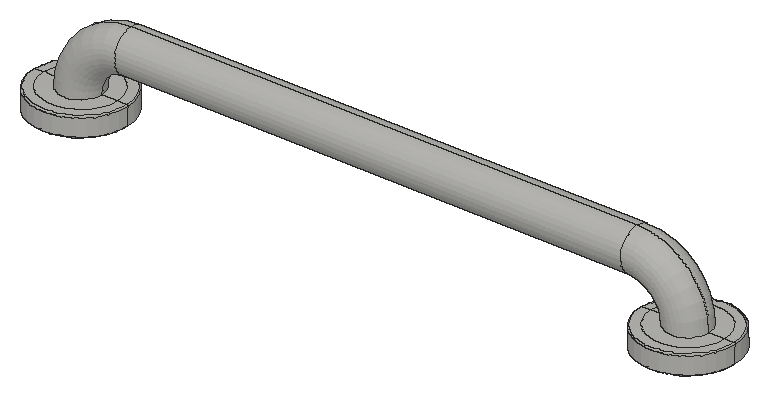
Revit family "Accessory-Grab_Bars-KOHLER-Contemporary-K-14561", category Generic Models, host Face, Revit 2015
Parameters (values of type "BS-Brushed Stainless")
  Width = 2 13/16"  # constant formula
  URL = "http://www.us.kohler.com/us/"
  Type = 3
  Product Page URL = "http://www.us.kohler.com/onlinecatalog/detail.jsp?prod_num=14561"
  Product Name = "Contemporary"  # constant formula
  Product Documentation Link = "http://www.us.kohler.com/onlinecatalog/pdf/K-14561_spec.pdf"
  Model = if(Type = 1, "K-14561-S", if(Type = 2, "K-14561-BN", if(Type = 3, "K-14561-BS", if(Type = 4, "K-14561-TT", "NA"))))  # "K-14561-BS"
  Material = "Premium Metal"  # constant formula
  MasterFormat 2004 = "10.28.13"  # constant formula
  MasterFormat 1995 = "10820"  # constant formula
  Manufacturer Address = "444 Highland Drive, Kohler, WI 53044"  # constant formula
  Manufacturer = "Kohler"  # constant formula
  Length = 20 51/64"  # constant formula
  Height = 2 3/4"  # constant formula
  Finish = Metal-Kohler-BS-Brushed Stainless
  Description = "Contemporary 18inch grab bar"  # constant formula
  Default Elevation = 42"
  Date Modified = "09/15/2017"  # constant formula
  Date Created = "08/30/2017"  # constant formula
  Copyright = "Copyright by Kohler Co."  # constant formula
  Contact Us = "https://www.us.kohler.com/us/static/contact.jsp"
  Assembly Code = "C1030200"
  ADA Compliant = yes
Types (5): name | Type | Model | Finish
  (no name) | 3 | "K-14561-BS" | Metal-Kohler-BS-Brushed Stainless
  S-Polished Stainless | 1 | "K-14561-S" | Metal-Kohler-S-Polished Stainless
  BN-Vibrant Brushed Nickel | 2 | "K-14561-BN" | Metal-Kohler-BN-Vibrant Brushed Nickel
  BS-Brushed Stainless | 3 | "K-14561-BS" | Metal-Kohler-BS-Brushed Stainless
  TT-Vibrant Titanium | 4 | "K-14561-TT" | Metal-Kohler-TT-Vibrant Titanium
Reference planes (in)
  plane 1 "Center (Front/Back)": y = 0
  plane 2: z = 0
  plane 3 "Center (Left/Right)": x = 0
  plane 4: y = 1.39966
  plane 5: y = -1.41284
  plane 6: x = -10.39869
  plane 7: x = 10.39819
  plane 8: z = 2.75
Dimensions and locks (in)
  "Width": plane 4 to plane 5
  "Length": plane 6 to plane 7
  "Height": plane 8 to plane 2
  aligned and locked: plane 2 to host face
  aligned and locked: level to host face
Automatic sketch dimensions
  host sketch curve to host sketch curve = 96"  (x2)
Nested families (in)
  nested 1: "K-14561" at (0, 0, 0), type "K-14561"
Definition of nested family "K-14561"
  Parameters (values of type "K-14561")
    Material = none
    Half Distance = Center Distance / 2  # 9"
    Center Distance = 18"
  Reference planes (in)
    plane 1 "Center (Front/Back)": y = 0
    plane 2: z = 0
    plane 3 "Center (Left/Right)": x = 0
  Forms (in)
    Revolve 1, solid, material <- "Material"
      sketch origin (0, 0, 0) x (1, 0, 0) y (0, 0, 1)
        loop
          line (-10.4, 0.0787) -> (-10.35114, 0.0787) -> (-10.35114, 0.04795) -> (-10.29399, 0) -> (-9, 0) -> (-9, 0.64356) -> (-9.25994, 0.64356)
          arc (-9.25994, 0.64356) -> (-9.67474, 0.64086) -> (-10.08948, 0.63277) r 31.89824
          line (-10.08948, 0.63277) -> (-10.36245, 0.62567)
          arc (-10.36245, 0.62567) -> (-10.38906, 0.61403) -> (-10.4, 0.58713) r 0.03855
          line (-10.4, 0.58713) -> (-10.4, 0.0787)
        axis (-9, 0.64356) -> (-9, 0)
      angle from 0 to 360
    Revolve 2, solid, material <- "Material"
      sketch origin (0, 0, 0) x (-1, 0, 0) y (0, 0, 1)
        loop
          line (-10.4, 0.0787) -> (-10.35114, 0.0787) -> (-10.35114, 0.04795) -> (-10.29399, 0) -> (-9, 0) -> (-9, 0.64356) -> (-9.25994, 0.64356)
          arc (-9.25994, 0.64356) -> (-9.67474, 0.64086) -> (-10.08948, 0.63277) r 31.89824
          line (-10.08948, 0.63277) -> (-10.36245, 0.62567)
          arc (-10.36245, 0.62567) -> (-10.38906, 0.61403) -> (-10.4, 0.58713) r 0.03855
          line (-10.4, 0.58713) -> (-10.4, 0.0787)
        axis (-9, 0.64356) -> (-9, 0)
      angle from 0 to 360
    Sweep 3, solid, material <- "Material"
      path origin (0, 0, 0) x (1, 0, 0) y (0, 0, 1)
        loop
          line (-9, 0.28461) -> (-9, 0.625)
          arc (-9, 0.625) -> (-8.56066, 1.68566) -> (-7.5, 2.125) r 1.5
          line (-7.5, 2.125) -> (7.5, 2.125)
          arc (7.5, 2.125) -> (8.56066, 1.68566) -> (9, 0.625) r 1.5
          line (9, 0.625) -> (9, 0.375)
      profile origin (-9, 0, 0.28461) x (-1, 0, 0) y (0, -1, 0)
        loop
          circle (0, 0) r 0.625
  Cuts and joins
    joined: Revolve 1, Revolve 2, Sweep 3
  Lines and regions (in)
    Masking region 1
      outline origin (0, 0, 0) x (1, 0, 0) y (0, 0, 1)
        loop
          arc (7.498, 1.49935) -> (8.11131, 1.2492) -> (8.37473, 0.64146) r 0.87694
          line (8.37473, 0.64146) -> (7.63722, 0.62543)
          arc (7.63722, 0.62543) -> (7.61085, 0.61401) -> (7.6, 0.5874) r 0.03804
          line (7.6, 0.5874) -> (7.6, 0.0787) -> (7.64886, 0.0787) -> (7.64886, 0.04795) -> (7.70601, 0) -> (10.29399, 0) -> (10.35114, 0.04795) -> (10.35114, 0.0787) -> (10.4, 0.0787) -> (10.4, 0.58816)
          arc (10.4, 0.58816) -> (10.38913, 0.61478) -> (10.36274, 0.62619) r 0.03804
          line (10.36274, 0.62619) -> (9.62494, 0.64146)
          arc (9.62494, 0.64146) -> (9.0087, 2.13185) -> (7.51883, 2.74935) r 2.10611
          line (7.51883, 2.74935) -> (-7.51883, 2.74935)
          arc (-7.51883, 2.74935) -> (-9.0087, 2.13186) -> (-9.62494, 0.64147) r 2.10611
          line (-9.62494, 0.64147) -> (-10.35686, 0.62869)
          arc (-10.35686, 0.62869) -> (-10.38741, 0.61557) -> (-10.4, 0.5848) r 0.0439
          line (-10.4, 0.5848) -> (-10.4, 0.0787) -> (-10.35114, 0.0787) -> (-10.35114, 0.04795) -> (-10.29399, 0) -> (-7.70601, 0) -> (-7.64886, 0.04795) -> (-7.64886, 0.0787) -> (-7.6, 0.0787) -> (-7.6, 0.5881)
          arc (-7.6, 0.5881) -> (-7.61065, 0.61421) -> (-7.63651, 0.62542) r 0.03733
          line (-7.63651, 0.62542) -> (-8.37473, 0.64147)
          arc (-8.37473, 0.64147) -> (-8.11131, 1.2492) -> (-7.498, 1.49935) r 0.87694
          line (-7.498, 1.49935) -> (7.498, 1.49935)
    Masking region 2
      outline origin (0, 0, 0) x (0, 1, 0) y (0, 0, 1)
        loop
          line (1.35114, 0.0787) -> (1.4, 0.0787) -> (1.4, 0.58569)
          arc (1.4, 0.58569) -> (1.38843, 0.61403) -> (1.36034, 0.62618) r 0.0405
          line (1.36034, 0.62618) -> (0.625, 0.64147) -> (0.625, 2.12565)
          arc (0.625, 2.12565) -> (0, 2.75065) -> (-0.625, 2.12565) r 0.625
          line (-0.625, 2.12565) -> (-0.625, 0.64147) -> (-1.36034, 0.62618)
          arc (-1.36034, 0.62618) -> (-1.38843, 0.61403) -> (-1.4, 0.58569) r 0.0405
          line (-1.4, 0.58569) -> (-1.4, 0.0787) -> (-1.35114, 0.0787) -> (-1.35114, 0.04795) -> (-1.29399, 0) -> (1.29399, 0) -> (1.35114, 0.04795) -> (1.35114, 0.0787)
    Masking region 3
      outline origin (0, 0, 0) x (1, 0, 0) y (0, 1, 0)
        loop
          arc (7.74726, -0.625) -> (10.4, 0) -> (7.74726, 0.625) r 1.4
          line (7.74726, 0.625) -> (-7.74726, 0.625)
          arc (-7.74726, 0.625) -> (-10.4, 0) -> (-7.74726, -0.625) r 1.4
          line (-7.74726, -0.625) -> (7.74726, -0.625)
    symbolic lines, detail levels medium+fine
      curve 1: line (0, 0.625, 0.64147) -> (0, -0.625, 0.64147)
      curve 2: line (0, 1.35114, 0.0787) -> (0, -1.35114, 0.0787)
      curve 3: line (0, 1.35114, 0.04795) -> (0, -1.35114, 0.04795)
      curve 4: arc (-9, -0.625, 0) -> (-9.62503, -0.00531, 0) -> (-9.0107, 0.625, 0) r 0.62505
      curve 5: arc (9, -0.625, 0) -> (9.62503, -0.00531, 0) -> (9.0107, 0.625, 0) r 0.62505
      curve 6: line (-7.74736, 0.625, 0) -> (-9.0107, 0.625, 0)
      curve 7: line (-7.74736, -0.625, 0) -> (-9, -0.625, 0)
      curve 8: line (7.74736, 0.625, 0) -> (9.0107, 0.625, 0)
      curve 9: line (7.74736, -0.625, 0) -> (9, -0.625, 0)
      curve 10: line (-10.35114, 0, 0.0787) -> (-7.64886, 0, 0.0787)
      curve 11: line (-10.35114, 0, 0.04795) -> (-7.64886, 0, 0.04795)
      curve 12: line (7.64886, 0, 0.0787) -> (10.35114, 0, 0.0787)
      curve 13: line (7.64886, 0, 0.04795) -> (10.35114, 0, 0.04795)
      curve 14: line (8.37495, 0, 0.64147) -> (9.62471, 0, 0.64147)
      curve 15: line (-9.62498, 0, 0.64147) -> (-8.3747, 0, 0.64147)
  Dimensions and locks (in)
    "Center Distance": Sweep 3 sketch curve to Sweep 3 sketch curve
    equal spacing: Sweep 3 sketch curve, plane 3 "Center (Left/Right)", Sweep 3 sketch curve
    "Half Distance": Revolve 1 sketch curve to plane 3 "Center (Left/Right)"
    "Half Distance": Revolve 2 sketch curve to plane 3 "Center (Left/Right)"
    "Center Distance": Masking region 3 sketch curve to Masking region 3 sketch curve
    equal spacing: Masking region 3 sketch curve, plane 3 "Center (Left/Right)", Masking region 3 sketch curve
    "Center Distance": curve 4 to curve 5
    equal spacing: curve 4, plane 3 "Center (Left/Right)", curve 5
    aligned and locked: plane 2 to level
    aligned and locked: Masking region 1 sketch curve to cut or joined group of Revolve 1, Revolve 2, Sweep 3  (x18)
    aligned and locked: curve 10 to Masking region 1
    aligned and locked: Masking region 1 to curve 10
    aligned and locked: Masking region 1 to curve 11
    aligned and locked: curve 11 to Masking region 1
    aligned and locked: curve 12 to Masking region 1
    aligned and locked: Masking region 1 to curve 13
    aligned and locked: Masking region 1 to curve 12
    aligned and locked: curve 13 to Masking region 1
    aligned and locked: curve 14 to Masking region 1
    aligned and locked: Masking region 1 to curve 14
    aligned and locked: Masking region 1 to curve 15  (x2)
  Automatic sketch dimensions
    level to curve 3 = 0.04795"
    plane 1 "Center (Front/Back)" to curve 3 = 1.35114"
    curve 2 to curve 3 = 0"  (x2)
    plane 1 "Center (Front/Back)" to curve 1 = 5/8"
    curve 1 to plane 1 "Center (Front/Back)" = 5/8"
    curve 1 to curve 3 = 0.72613"
    curve 3 to curve 2 = 0.03075"
    level to curve 1 = 0.64147"
    plane 1 "Center (Front/Back)" to Sweep 3 sketch curve = 0"
    Sweep 3 sketch curve to profile plane = 0"
    Masking region 2 sketch curve to level = 0"
    Masking region 2 sketch curve to plane 1 "Center (Front/Back)" = 0"
    plane 1 "Center (Front/Back)" to Masking region 2 sketch curve = 5/8"
    Masking region 2 sketch curve to Masking region 2 sketch curve = 0.66899"  (x2)
    level to Masking region 2 sketch curve = 0.04795"  (x2)
    Masking region 2 sketch curve to Masking region 2 sketch curve = 0.05714"  (x2)
    Masking region 2 sketch curve to Masking region 2 sketch curve = 0.00837"  (x2)
    level to Masking region 2 sketch curve = 0.62618"  (x2)
    Masking region 2 sketch curve to Masking region 2 sketch curve = 0.00084"  (x2)
    Masking region 2 sketch curve to Masking region 2 sketch curve = 0.04886"  (x2)
    Masking region 2 sketch curve to Masking region 2 sketch curve = 0.03075"  (x2)
    level to Masking region 2 sketch curve = 0.64147"  (x2)
    Masking region 2 sketch curve to Masking region 2 sketch curve = 1.48418"
    level to Masking region 1 sketch curve = 0.62869"
    Masking region 1 sketch curve to Masking region 1 sketch curve = 0.04314"
    Masking region 1 sketch curve to Masking region 1 sketch curve = 0.0439"
    level to Masking region 1 sketch curve = 0.64147"  (x2)
    Masking region 1 sketch curve to Masking region 1 sketch curve = 0.73192"
    Masking region 1 sketch curve to Masking region 1 sketch curve = 0.77473"
    Masking region 1 sketch curve to Masking region 1 sketch curve = 0.03733"
    level to Masking region 1 sketch curve = 0.62542"
    Masking region 1 sketch curve to Masking region 1 sketch curve = 0.00081"
    Masking region 1 sketch curve to Masking region 1 sketch curve = 0.08117"
    Masking region 1 sketch curve to Masking region 1 sketch curve = 0.02084"  (x2)
    Masking region 1 sketch curve to Masking region 1 sketch curve = 0.102"
    level to Masking region 1 sketch curve = 0.62543"
    Masking region 1 sketch curve to Masking region 1 sketch curve = 0.03722"
    Masking region 1 sketch curve to Masking region 1 sketch curve = 0.00083"
    level to Masking region 1 sketch curve = 0.64146"  (x2)
    Masking region 1 sketch curve to Masking region 1 sketch curve = 0.73751"
    Masking region 1 sketch curve to Masking region 1 sketch curve = 0.77506"
    Masking region 1 sketch curve to Masking region 1 sketch curve = 0.05714"
    Masking region 1 sketch curve to Masking region 1 sketch curve = 0.03804"
    level to Masking region 1 sketch curve = 0.62619"
    Masking region 1 sketch curve to Masking region 1 sketch curve = 0.00079"
    Masking region 1 sketch curve to Masking region 1 sketch curve = 0.03075"  (x3)
    Masking region 1 sketch curve to Masking region 1 sketch curve = 0.03431"
    Masking region 1 sketch curve to Masking region 1 sketch curve = 0.02083"
    level to curve 13 = 0.04795"
    level to curve 11 = 0.04795"
    level to curve 12 = 0.0787"
    level to curve 10 = 0.0787"
    curve 12 to curve 14 = 0.56277"
    curve 11 to curve 15 = 0.59352"
    curve 6 to curve 4 = 0.0107"
    curve 5 to curve 8 = 0.0107"
    plane 1 "Center (Front/Back)" to curve 7 = 5/8"
    curve 4 to plane 1 "Center (Front/Back)" = 0.00005"
    curve 5 to plane 1 "Center (Front/Back)" = 0.00005"
    curve 8 to plane 1 "Center (Front/Back)" = 5/8"
    curve 4 to curve 6 = 1.26334"
    curve 7 to curve 6 = 0"
    curve 8 to curve 5 = 1.26334"
    curve 9 to curve 8 = 0"
    curve 9 to curve 5 = 0"
    curve 5 to curve 9 = 0"
    plane 1 "Center (Front/Back)" to curve 9 = 5/8"
    Revolve 1 sketch curve to level = 0"  (x2)
    Revolve 1 sketch curve to Revolve 1 sketch curve = 0.25994"
    level to Revolve 1 sketch curve = 0.63277"
    Revolve 1 sketch curve to Revolve 1 sketch curve = 0.82954"
    Revolve 1 sketch curve to Revolve 1 sketch curve = 0.20451"
    level to Revolve 1 sketch curve = 0.04795"
    Revolve 1 sketch curve to Revolve 1 sketch curve = 0.05714"
    Revolve 1 sketch curve to Revolve 1 sketch curve = 0.27197"
    level to Revolve 1 sketch curve = 0.62567"
    Revolve 1 sketch curve to Revolve 1 sketch curve = 0.001"
    Revolve 1 sketch curve to Revolve 1 sketch curve = 0.04886"
    Revolve 1 sketch curve to level = 31.25469"
    Revolve 1 sketch curve to Revolve 1 sketch curve = 0.03075"
    Revolve 1 sketch curve to Revolve 1 sketch curve = 0"
    Revolve 1 sketch curve to Revolve 1 sketch curve = 0.63566"
    Revolve 2 sketch curve to level = 0"  (x2)
    Revolve 2 sketch curve to Revolve 2 sketch curve = 0.25994"
    Revolve 2 sketch curve to level = 0.63277"
    Revolve 2 sketch curve to Revolve 2 sketch curve = 0.82954"
    Revolve 2 sketch curve to Revolve 2 sketch curve = 0.20451"
    Revolve 2 sketch curve to level = 0.04795"
    Revolve 2 sketch curve to Revolve 2 sketch curve = 0.05714"
    Revolve 2 sketch curve to Revolve 2 sketch curve = 0.27197"
    Revolve 2 sketch curve to level = 0.62567"
    Revolve 2 sketch curve to Revolve 2 sketch curve = 0.001"
    Revolve 2 sketch curve to Revolve 2 sketch curve = 0.04886"
    level to Revolve 2 sketch curve = 31.25469"
    Revolve 2 sketch curve to Revolve 2 sketch curve = 0.03075"
    Revolve 2 sketch curve to Revolve 2 sketch curve = 0"
    level to Revolve 2 sketch curve = 0.63566"
    level to Sweep 3 sketch curve = 5/8"  (x2)
    Sweep 3 sketch curve to Sweep 3 sketch curve = 1 1/2"
    Sweep 3 sketch curve to Sweep 3 sketch curve = 1/4"
    level to Sweep 3 sketch curve = 0.28461"
    plane 1 "Center (Front/Back)" to Masking region 3 sketch curve = 0"  (x2)
    Masking region 3 sketch curve to plane 1 "Center (Front/Back)" = 5/8"
    Masking region 3 sketch curve to Masking region 3 sketch curve = 1.25274"  (x2)
    plane 1 "Center (Front/Back)" to Masking region 3 sketch curve = 5/8"
    radius of Sweep 3 sketch curve = 5/8"
